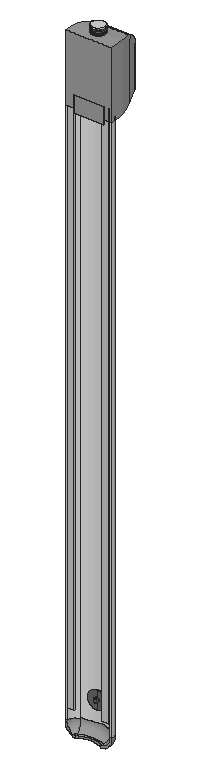
Revit family
Parameters (values of type "Type 1")
  WaterSupplyTemperatureMaximum = "55°C-85° (∆50°C : CW/HW)"
  WarrantyDurationUnit = "10 years"
  WarrantyDescription = "Any manufacturing defect"
  Version = "v1"
  URL = "http://www.delabie.com"
  Type Comments = "Time flow shower panel"
  SerialNumber = "3456330152044"
  Radius = 10.3 mm
  ProductInformation = "http://www.delabie.com/products/714700"
  Operation = "Soft-touch time flow valve"
  NominalWidth = 70 mm
  NominalHeight = 1030 mm
  Name = "SPORTING 2"
  ModelNumber = "714700"
  Model = "SPORTING 2"
  Material = Aluminium
  ManufacturerURL = "http://www.delabie.com"
  ManufacturerName = "DELABIE"
  Manufacturer = "DELABIE"
  IntegralAccessoryOptions = "Thermostatic mixing valve"
  IntegralAccessory = "Stopcock"
  HW Connection = no
  Grade = "ACS - WRAS - VA APPROVAL - HKWSD - PZH"
  FlowRate lps = "0,1 lps at 3 bar"
  FlowRate lpm = "6 lpm at 3 bar"
  Finish = Anodised aluminium and satin chrome
  Features  = "Time flow shower panel:\r\nAnodised aluminium and satin chrome finish panel.\r\nAdjustable connector for top or back inlet.\r\nSlimline structure with concealed fixings.\r\nSoft-touch operation.\r\nAutomatic mechanical flush with every use.\r\nTime flow ~30 sec.\r\nFlow rate 6 lpm at 3 bar.\r\nTamperproof fixed shower head with scale-resistant nozzle and automatic flow rate regulator.\r\nAdjustable spray angle can be locked in place.\r\nNon-return valve and filter accessibles.\r\nIntegrated stopcock.\r\nM½\" connection for mixed water supply."
  Description = "French manufacturer Delabie is a leader in the European sanitary ware market for non-domestic places. Water controls, solutions for disabled people, sanitary ware, for schools, leisure centres, offices, hospitals, airports…"
  Category = "Shower valve"
  CW Connection = no
  Assembly Code = ""
Reference planes
  plane 1: y = 0
  plane 2 "Center (Left/Right)": x = 125
  plane 3 "Back": y = 75
Forms (mm)
  Extrusion 1, solid, material "Aluminium"
    sketch origin (124.125, 111.098, 1113.734) x (0, -1, 0) y (1, 0, 0)
      loop
        line (36.098, -36.029) -> (36.098, 38.643)
        arc (36.098, 38.643) -> (12.214, 36.463) -> (-10.854, 29.9) r 129.008
        line (-10.854, 29.9) -> (-29.46, 22.678)
        arc (-29.46, 22.678) -> (-42.55, 1.307) -> (-29.46, -20.064) r 23.99
        line (-29.46, -20.064) -> (-10.854, -27.286)
        arc (-10.854, -27.286) -> (12.214, -33.849) -> (36.098, -36.029) r 129.008
    from 423.932 to 546.454
  Sweep 2, void
    path origin (124.125, 111.098, 1113.734) x (0, -1, 0) y (1, 0, 0)
      loop
        line (2.91, -46.171) -> (2.91, 53.829)
    profile origin (127.954, 108.188, 1113.734) x (0, 1, 0) y (0, 0, 1)
      loop
        line (-33.188, 431.324) -> (-35.544, 423.932) -> (45.803, 423.932) -> (45.803, 452.696)
        arc (45.803, 452.696) -> (45.346, 450.839) -> (43.967, 449.515) r 3.433
        line (43.967, 449.515) -> (13.682, 438.493)
        arc (13.682, 438.493) -> (-9.458, 432.977) -> (-33.188, 431.324) r 144.837
  Sweep 3, void
    path origin (124.125, 111.098, 1113.734) x (0, -1, 0) y (1, 0, 0)
      loop
        line (5.641, -54.364) -> (5.641, 57.239)
    profile origin (125.563, 105.457, 1113.734) x (0, 1, 0) y (0, 0, 1)
      loop
        line (48.321, 451.454) -> (50.188, 451.454) -> (50.188, 546.454) -> (-30.435, 546.454) -> (-30.435, 538.661)
        arc (-30.435, 538.661) -> (-8.513, 538.629) -> (13.153, 535.291) r 144.968
        arc (13.153, 535.291) -> (27.919, 525.308) -> (37.902, 510.542) r 46.972
        arc (37.902, 510.542) -> (46.511, 481.597) -> (48.321, 451.454) r 132.1
  Revolve 4, solid, material "Aluminium Foncé"
    sketch origin (125.11, 111.098, 1113.734) x (0, -1, 0) y (0, 0, -1)
      loop
        line (-21.126, -439.42) -> (-19.863, -442.891) -> (-0.905, -435.991) -> (-1.425, -434.562)
        arc (-1.425, -434.562) -> (-1.792, -434.237) -> (-2.283, -434.233) r 0.701
        line (-2.283, -434.233) -> (-8.373, -436.449) -> (-8.705, -435.538) -> (-10.459, -435.538) -> (-21.126, -439.42)
      axis (-19.863, -442.891) -> (-21.126, -439.42)
    angle from 0 to 360
  Sweep 5, solid, material "Aluminium"
    path origin (124.125, 111.098, 1113.734) x (0, -1, 0) y (1, 0, 0)
      loop
        arc (36.098, -28.922) -> (30.06, -26.836) -> (25.699, -22.169) r 13.261
        arc (25.699, -22.169) -> (20.239, 1.2) -> (25.699, 24.568) r 52.743
        arc (25.699, 24.568) -> (29.972, 29.37) -> (36.098, 31.312) r 12.126
    profile origin (97.289, 81.038, 1113.734) x (-0.838671, 0.544639, 0) y (0, 0, 1)
      loop
        arc (-9.071, -470.095) -> (3.585, -463.821) -> (7.14, -450.151) r 17.013
        line (7.14, -450.151) -> (4.085, -450.151)
        arc (4.085, -450.151) -> (2.165, -460.676) -> (-6.621, -466.779) r 14.013
        line (-6.621, -466.779) -> (-11.055, -466.779) -> (-11.055, -470.095) -> (-9.071, -470.095)
  Sweep 6, void
    path origin (124.125, 111.098, 1113.734) x (1, 0, 0) y (0, 0, -1)
      loop
        line (-3.334, 499.855) -> (-3.334, -481.444)
    profile origin (120.791, 111.098, 1104.528) x (1, 0, 0) y (0, 1, 0)
      loop
        line (-38.811, -46.106) -> (48.349, -46.106) -> (48.349, -36.098) -> (-38.811, -36.098) -> (-38.811, -46.106)
  Extrusion 7, solid, material "Aluminium"
    sketch origin (124.125, 111.098, 1113.734) x (0, -1, 0) y (1, 0, 0)
      loop
        line (36.098, -22.507) -> (36.098, 24.936)
        arc (36.098, 24.936) -> (33.332, 23.96) -> (31.406, 21.748) r 5.76
        arc (31.406, 21.748) -> (26.605, 1.289) -> (31.327, -19.189) r 46.377
        arc (31.327, -19.189) -> (33.346, -21.375) -> (36.098, -22.507) r 6.895
    from 449.849 to 423.816
  Revolve 8, solid, material "Aluminium Foncé"
    sketch origin (124.125, 111.098, 1113.734) x (0, -1, 0) y (0, 0, -1)
      loop
        line (21.123, 416.896) -> (21.123, 419.73) -> (20.073, 420.465) -> (18.963, 420.465) -> (18.963, 430.89) -> (15.148, 430.89) -> (12.712, 434.501)
        arc (12.712, 434.501) -> (11.008, 433.566) -> (10.712, 431.645) r 2.198
        arc (10.712, 431.645) -> (8.959, 431.231) -> (7.971, 429.726) r 2.432
        line (7.971, 429.726) -> (7.971, 418.913) -> (8.77, 418.913) -> (8.77, 416.896) -> (21.123, 416.896)
      axis (21.123, 416.896) -> (7.971, 416.896)
    angle from 0 to 360
  Extrusion 9, solid, material "Aluminium anodisé et chrome satiné"
    sketch origin (124.125, 107.996, 1113.734) x (0, -1, 0) y (1, 0, 0)
      loop
        line (32.996, 22.195) -> (32.996, 32.765) -> (31.471, 32.765) -> (31.471, 22.195) -> (32.996, 22.195)
      loop
        line (32.996, -22.195) -> (31.471, -22.195) -> (31.471, -32.765) -> (32.996, -32.765) -> (32.996, -22.195)
    from -431.579 to 449.849
  Revolve 10, solid, material "Aluminium Foncé"
    sketch origin (124.125, 111.098, 1113.734) x (0, -1, 0) y (0, 0, -1)
      loop
        line (15.096, -548.09) -> (24.263, -548.09) -> (25.547, -547.464) -> (24.17, -546.962) -> (25.547, -546.291) -> (25.547, -545.482) -> (24.341, -544.786) -> (25.547, -544.463) -> (25.547, -543.566) -> (24.223, -542.949) -> (25.547, -542.467) -> (25.547, -541.671) -> (24.722, -540.689) -> (24.722, -539.278) -> (25.547, -538.978) -> (25.547, -529.099) -> (15.096, -529.099) -> (15.096, -548.09)
      axis (15.096, -529.099) -> (15.096, -548.09)
    angle from 0 to 360
  Sweep 11, solid, material "Aluminium Gris"
    path origin (124.125, 111.098, 1113.734) x (0, -1, 0) y (1, 0, 0)
      loop
        arc (36.098, -28.922) -> (30.06, -26.836) -> (25.699, -22.169) r 13.261
        arc (25.699, -22.169) -> (20.239, 1.2) -> (25.699, 24.568) r 52.743
        arc (25.699, 24.568) -> (29.972, 29.37) -> (36.098, 31.312) r 12.126
    profile origin (97.289, 81.038, 1113.734) x (-0.838671, 0.544639, 0) y (0, 0, 1)
      loop
        line (7.085, -450.151) -> (7.085, 450.151) -> (4.085, 450.151) -> (4.085, -450.151) -> (7.085, -450.151)
  Extrusion 12, solid
    sketch origin (124.125, 134.436, 1138.631) x (1, 0, 0) y (0, 1, 0)
      loop
        circle (0, -38.485) r 10.25
    from 523.193 to 524.41
  Extrusion 13, solid, material "Aluminium", not visible
    sketch origin (237.865, 111.098, 1115.712) x (0, -1, 0) y (1, 0, 0)
      loop
        line (36.098, -36.029) -> (36.098, 38.643)
        arc (36.098, 38.643) -> (12.214, 36.463) -> (-10.854, 29.9) r 129.008
        line (-10.854, 29.9) -> (-29.46, 22.678)
        arc (-29.46, 22.678) -> (-42.55, 1.307) -> (-29.46, -20.064) r 23.99
        line (-29.46, -20.064) -> (-10.854, -27.286)
        arc (-10.854, -27.286) -> (12.214, -33.849) -> (36.098, -36.029) r 129.008
    from 423.932 to 546.454
  Sweep 14, void, not visible
    path origin (237.865, 111.098, 1115.712) x (0, -1, 0) y (1, 0, 0)
      loop
        line (2.91, -46.171) -> (2.91, 53.829)
    profile origin (241.694, 108.188, 1115.712) x (0, 1, 0) y (0, 0, 1)
      loop
        line (-33.188, 431.324) -> (-35.544, 423.932) -> (45.803, 423.932) -> (45.803, 452.696)
        arc (45.803, 452.696) -> (45.346, 450.839) -> (43.967, 449.515) r 3.433
        line (43.967, 449.515) -> (13.682, 438.493)
        arc (13.682, 438.493) -> (-9.458, 432.977) -> (-33.188, 431.324) r 144.837
  Sweep 15, void, not visible
    path origin (237.865, 111.098, 1115.712) x (0, -1, 0) y (1, 0, 0)
      loop
        line (5.641, -54.364) -> (5.641, 57.239)
    profile origin (239.303, 105.457, 1115.712) x (0, 1, 0) y (0, 0, 1)
      loop
        line (48.321, 451.454) -> (50.188, 451.454) -> (50.188, 546.454) -> (-30.435, 546.454) -> (-30.435, 538.661)
        arc (-30.435, 538.661) -> (-8.513, 538.629) -> (13.153, 535.291) r 144.968
        arc (13.153, 535.291) -> (27.919, 525.308) -> (37.902, 510.542) r 46.972
        arc (37.902, 510.542) -> (46.511, 481.597) -> (48.321, 451.454) r 132.1
  Revolve 16, solid, material "Aluminium Foncé", not visible
    sketch origin (238.85, 111.098, 1115.712) x (0, -1, 0) y (0, 0, -1)
      loop
        line (-21.126, -439.42) -> (-19.863, -442.891) -> (-0.905, -435.991) -> (-1.425, -434.562)
        arc (-1.425, -434.562) -> (-1.792, -434.237) -> (-2.283, -434.233) r 0.701
        line (-2.283, -434.233) -> (-8.373, -436.449) -> (-8.705, -435.538) -> (-10.459, -435.538) -> (-21.126, -439.42)
      axis (-19.863, -442.891) -> (-21.126, -439.42)
    angle from 0 to 360
  Sweep 17, solid, material "Aluminium", not visible
    path origin (237.865, 111.098, 1115.712) x (0, -1, 0) y (1, 0, 0)
      loop
        arc (36.098, -28.922) -> (30.06, -26.836) -> (25.699, -22.169) r 13.261
        arc (25.699, -22.169) -> (20.239, 1.2) -> (25.699, 24.568) r 52.743
        arc (25.699, 24.568) -> (29.972, 29.37) -> (36.098, 31.312) r 12.126
    profile origin (211.029, 81.038, 1115.712) x (-0.838671, 0.544639, 0) y (0, 0, 1)
      loop
        arc (-9.071, -470.095) -> (3.585, -463.821) -> (7.14, -450.151) r 17.013
        line (7.14, -450.151) -> (4.085, -450.151)
        arc (4.085, -450.151) -> (2.165, -460.676) -> (-6.621, -466.779) r 14.013
        line (-6.621, -466.779) -> (-11.055, -466.779) -> (-11.055, -470.095) -> (-9.071, -470.095)
  Sweep 18, void, not visible
    path origin (237.865, 111.098, 1115.712) x (1, 0, 0) y (0, 0, -1)
      loop
        line (-3.334, 499.855) -> (-3.334, -481.444)
    profile origin (234.531, 111.098, 1106.506) x (1, 0, 0) y (0, 1, 0)
      loop
        line (-38.811, -46.106) -> (48.349, -46.106) -> (48.349, -36.098) -> (-38.811, -36.098) -> (-38.811, -46.106)
  Extrusion 19, solid, material "Aluminium", not visible
    sketch origin (237.865, 111.098, 1115.712) x (0, -1, 0) y (1, 0, 0)
      loop
        line (36.098, -22.507) -> (36.098, 24.936)
        arc (36.098, 24.936) -> (33.332, 23.96) -> (31.406, 21.748) r 5.76
        arc (31.406, 21.748) -> (26.605, 1.289) -> (31.327, -19.189) r 46.377
        arc (31.327, -19.189) -> (33.346, -21.375) -> (36.098, -22.507) r 6.895
    from 449.849 to 423.816
  Revolve 20, solid, material "Aluminium Foncé", not visible
    sketch origin (237.865, 111.098, 1115.712) x (0, -1, 0) y (0, 0, -1)
      loop
        line (21.123, 416.896) -> (21.123, 419.73) -> (20.073, 420.465) -> (18.963, 420.465) -> (18.963, 430.89) -> (15.148, 430.89) -> (12.712, 434.501)
        arc (12.712, 434.501) -> (11.008, 433.566) -> (10.712, 431.645) r 2.198
        arc (10.712, 431.645) -> (8.959, 431.231) -> (7.971, 429.726) r 2.432
        line (7.971, 429.726) -> (7.971, 418.913) -> (8.77, 418.913) -> (8.77, 416.896) -> (21.123, 416.896)
      axis (21.123, 416.896) -> (7.971, 416.896)
    angle from 0 to 360
  Extrusion 21, solid, material "Aluminium anodisé et chrome satiné", not visible
    sketch origin (237.865, 107.996, 1115.712) x (0, -1, 0) y (1, 0, 0)
      loop
        line (32.996, 22.195) -> (32.996, 32.765) -> (31.471, 32.765) -> (31.471, 22.195) -> (32.996, 22.195)
      loop
        line (32.996, -22.195) -> (31.471, -22.195) -> (31.471, -32.765) -> (32.996, -32.765) -> (32.996, -22.195)
    from -431.579 to 449.849
  Revolve 22, solid, material "Aluminium Foncé", not visible
    sketch origin (237.865, 111.098, 1115.712) x (0, -1, 0) y (0, 0, -1)
      loop
        line (15.096, -548.09) -> (24.263, -548.09) -> (25.547, -547.464) -> (24.17, -546.962) -> (25.547, -546.291) -> (25.547, -545.482) -> (24.341, -544.786) -> (25.547, -544.463) -> (25.547, -543.566) -> (24.223, -542.949) -> (25.547, -542.467) -> (25.547, -541.671) -> (24.722, -540.689) -> (24.722, -539.278) -> (25.547, -538.978) -> (25.547, -529.099) -> (15.096, -529.099) -> (15.096, -548.09)
      axis (15.096, -529.099) -> (15.096, -548.09)
    angle from 0 to 360
  Sweep 23, solid, material "Aluminium Gris", not visible
    path origin (237.865, 111.098, 1115.712) x (0, -1, 0) y (1, 0, 0)
      loop
        arc (36.098, -28.922) -> (30.06, -26.836) -> (25.699, -22.169) r 13.261
        arc (25.699, -22.169) -> (20.239, 1.2) -> (25.699, 24.568) r 52.743
        arc (25.699, 24.568) -> (29.972, 29.37) -> (36.098, 31.312) r 12.126
    profile origin (211.029, 81.038, 1115.712) x (-0.838671, 0.544639, 0) y (0, 0, 1)
      loop
        line (7.085, -450.151) -> (7.085, 450.151) -> (4.085, 450.151) -> (4.085, -450.151) -> (7.085, -450.151)
  Extrusion 24, solid, not visible
    sketch origin (237.865, 134.436, 1140.609) x (1, 0, 0) y (0, 1, 0)
      loop
        circle (0, -38.485) r 10.25
    from 523.193 to 524.41
Cuts and joins
  Sweep 2, Sweep 3 cuts Extrusion 1
Text (mm)
  text "Placement side" at (-1787.139, 592.35, 0), in view "Ref. Level"
  text "Placement side" at (0, 1827.695, 2917.686), in view "Left"
  text "Placement side" at (0, 562.268, 3853.606), in view "Right"
Dimensions and locks
  locked: plane 3 "Back" to host wall at 0
  plane 3 "Back" to cut or joined group of Extrusion 1, Sweep 2, Sweep 3 = 0 mm
  cut or joined group of Extrusion 1, Sweep 2, Sweep 3 to plane 3 "Back" = 0 mm
  aligned and locked: host wall to plane 1
  aligned and locked: Extrusion 12 to Revolve 10
  aligned and locked: Extrusion 9 to host wall  (x2)
Connectors
  piping at (124.125, 95.951, 1663.041), driven by "Radius", driven by "HW Connection"
    settings: on Extrusion 12, index 1, connector radius 10.3 mm, flow factor 0, pipe flow 0.1 L/s, pressure drop 0.0 Pa, fitting loss kfactor 0, connector angle 0.00°, fixture units 0, flow configuration 1, flow direction 1, fitting loss method 0, system type 19, connector reference index -1, connector utility 0, adjustable connector no, is connector primary yes, fitting loss table "", connector description "In - Mixed water"
